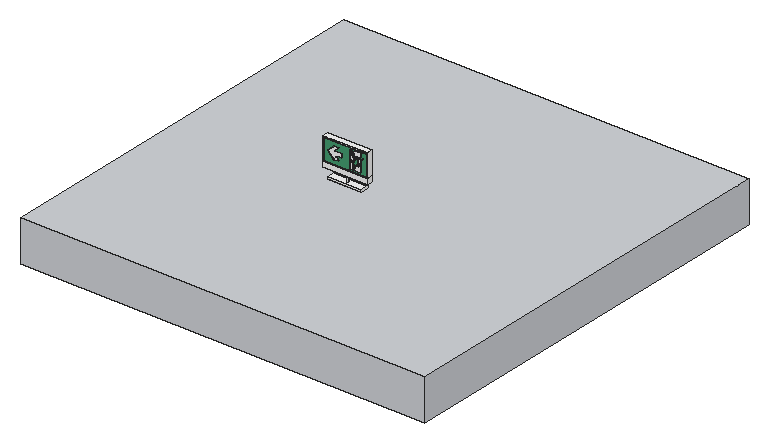
Revit family "Zumtobel CROSSIGN 160 - TEC", category Lighting Fixtures, host Face, Revit 2014
Parameters (values of type "CROSSIGN 160 TEC LED NT1 + RZ-LR")
  Width = 332 mm  # constant formula
  Wattage Comments = ""
  Wattage = 0.397194 W
  built-in parameter 1150110 = 1 (stored number, unit not read)
  Voltage = 230 V
  URL = "http://www.zumtobel.com/42183134"
  Type Comments = "© Zumtobel. We reserve the right to make technical changes without prior notice."  # constant formula
  built-in parameter 1114217 = 1 (stored number, unit not read)
  Tilt Angle = 180.00°
  built-in parameter 1150109 = 1 (stored number, unit not read)
  built-in parameter 1150134 = 12
  built-in parameter 1150113 = 1 (stored number, unit not read)
  Photometric Web File = "42180768+22168595_(STD-LEO).IES"
  built-in parameter 1150105 = 4.6951 (stored number, unit not read)
  Lumens = 59 lm
  built-in parameter 1150115 = 1 (stored number, unit not read)
  built-in parameter 1150137 = (empty or 0)
  built-in parameter 1150139 = (empty or 0)
  built-in parameter 1150112 = 1 (stored number, unit not read)
  built-in parameter 1150114 = 1 (stored number, unit not read)
  built-in parameter 1150132 = 2
  built-in parameter 1150102 = (empty or 0)
  built-in parameter 1150107 = 4000 (stored number, unit not read)
  built-in parameter 1150138 = (empty or 0)
  built-in parameter 1150106 = 0.046951 (stored number, unit not read)
  Height = 277 mm  # constant formula
  Escape Left & Right = yes
  Escape Top = no
  built-in parameter 1150104 = 13.8 (stored number, unit not read)
  ERI = no
  Dimming Lamp Color Temperature Shift = <None>
  Depth = 60 mm  # constant formula
  Model = "42183134+22168595/22168596"
  Manufacturer = "Zumtobel Lighting"  # constant formula
  Lamp = "LED"
  Description = if(ERI, "Escape sign + ERI LED luminaire for TECTON track", "Escape sign LED luminaire for TECTON track")  # "Escape sign LED luminaire for TECTON track"
  Default Elevation = 0 mm
  Color Filter = 16777215
  Body Not Rotated [instance] = not(Body 90° Rotated)  # no
  Body 90° Rotated [instance] = yes
  Body = Zumtobel_Metal_White
  built-in parameter 1114218 = 1 (stored number, unit not read)
  built-in parameter 1150133 = 10 (stored number, unit not read)
  Assembly Code = "D5020200"
  Apparent Load = 5.8 VA
Types (2, lengths in mm): name | Escape Left & Right | Escape Top | Model
  CROSSIGN 160 TEC LED NT1  + RZ-O | no | yes | "42183134+22900363"
  CROSSIGN 160 TEC LED NT1 + RZ-LR | yes | no | "42183134+22168595/22168596"
Reference planes
  plane 1 "Center (Front/Back)": y = 0
  plane 2 "Bottom": z = 0
  plane 3 "Center (Left/Right)": x = -735.5
  plane 4 "Light Source Axis": z = 188.928
  plane 5: x = -901.5
  plane 6: x = -569.5
  plane 7: y = -22
  plane 8: y = 22
  plane 9: z = 188.928
  plane 10: z = 62.328
Forms (mm)
  Extrusion 1, solid
    sketch origin (123, 0, 0) x (1, 0, 0) y (0, 1, 0)
      loop
        line (-2085.5, 1500) -> (-2085.5, -1500) -> (914.5, -1500) -> (914.5, 1500) -> (-2085.5, 1500)
    from 0 to -304.8
  Extrusion 2, solid, material "Zumtobel_Metal_White" <- "Body"
    sketch origin (-735.5, 0, -57.072) x (0, -1, 0) y (0, 0, 1)
      loop
        line (-28, 74) -> (-30, 76) -> (-30, 62) -> (-24.468, 62) -> (-24.468, 50.994) -> (-21.81, 50.994) -> (-21.81, 57.072) -> (21.81, 57.072) -> (21.81, 50.994) -> (24.468, 50.994) -> (24.468, 62) -> (30, 62) -> (30, 76) -> (28, 74) -> (-28, 74)
    from -124 to 124
  Extrusion 3, solid, material "Zumtobel_Metal_White" <- "Body"
    sketch origin (0, 0, 0) x (1, 0, 0) y (0, 1, 0)
      loop
        circle (-735.5, 0) r 6
    from 16.928 to 62.328
Lines and regions (mm)
  symbolic lines, not visible, detail levels coarse
    curve 1: line (-735.5, 80, 0) -> (-735.5, -80, 0)
    curve 2: line (-735.5, 80, 0) -> (-735.5, -80, 0)
Dimensions and locks
  aligned and locked: plane 2 "Bottom" to Extrusion 1
  aligned and locked: level to Extrusion 1
  aligned and locked: imposter light to plane 4 "Light Source Axis"
Nested families
  nested 1: "Zumtobel CROSSIGN 160 Body" at (-735.5, 0, 62.328), visible <- "Body 90° Rotated", type "Zumtobel CROSSIGN 160 Body"
  nested 2: "Zumtobel CROSSIGN 160 Body" at (-735.5, 0, 62.328) x (0, -1, 0) z (0, 0, 1), visible <- "Body Not Rotated", type "Zumtobel CROSSIGN 160 Body"
Connectors
  electrical at (-735.5, 0, 0), driven by "Apparent Load", driven by "Voltage"
    settings: index 1, voltage 230 V, apparent load 0 VA, apparent load phase1 5.8 VA, apparent load phase2 0 VA, apparent load phase3 0 VA, power factor 1, load classification "Lighting", number of poles 1, system type 31, power factor state 1, is connector primary yes, connector utility no, sub classification motor no, connector description ""
Definition of nested family "Zumtobel CROSSIGN 160 Body"
  Parameters (values of type "Family1")
    Escape Top = no
    Escape Left & Right = yes
    ERI = no
    Default Elevation = 1219.2 mm
    Body = Zumtobel_Metal_Aluminium
  Reference planes
    plane 1 "Center (Front/Back)": y = 0
    plane 2: z = 0
    plane 3 "Center (Left/Right)": x = 0
  Forms (mm)
    Extrusion 1, solid, material "Zumtobel_Metal_Aluminium" <- "Body"
      sketch origin (735.5, 0, 2) x (1, 0, 0) y (0, 1, 0)
        loop
          line (-901.5, 22) -> (-901.5, -22) -> (-569.5, -22) -> (-569.5, 22) -> (-901.5, 22)
      from 39.5 to 0
    Extrusion 2, solid, material "Zumtobel_Escape_Sign_Green_Self_Illumination", visible <- "Escape Top"
      sketch origin (735.5, 0, -293.5) x (1, 0, 0) y (0, 0, 1)
        loop
          line (-653.853, 428.358) -> (-651.685, 449.523)
          arc (-651.685, 449.523) -> (-650.098, 453.355) -> (-646.266, 454.942) r 5.42
          line (-646.266, 454.942) -> (-605.191, 454.942)
          arc (-605.191, 454.942) -> (-610.804, 446.945) -> (-620.08, 443.875) r 15.55
          line (-620.08, 443.875) -> (-638.222, 443.875)
          arc (-638.222, 443.875) -> (-639.916, 443.173) -> (-640.618, 441.479) r 2.396
          line (-640.618, 441.479) -> (-641.645, 425.619)
          arc (-641.645, 425.619) -> (-642.427, 420.108) -> (-644.041, 414.78) r 36.444
          line (-644.041, 414.78) -> (-652.084, 398.521) -> (-641.987, 398.521)
          arc (-641.987, 398.521) -> (-641.138, 398.917) -> (-640.504, 399.605) r 2.419
          line (-640.504, 399.605) -> (-632.537, 412.595)
          arc (-632.537, 412.595) -> (-626.032, 414.154) -> (-624.473, 407.649) r 4.73
          line (-624.473, 407.649) -> (-632.574, 394.186)
          arc (-632.574, 394.186) -> (-636.651, 390.46) -> (-642.101, 389.565) r 9.697
          line (-642.101, 389.565) -> (-668.115, 389.565)
          arc (-668.115, 389.565) -> (-674.077, 391.815) -> (-678.786, 396.109) r 16.93
          line (-678.786, 396.109) -> (-687.626, 407.934) -> (-701.546, 407.934) -> (-701.546, 355.05) -> (-616.828, 355.05) -> (-616.828, 441.529)
          arc (-616.828, 441.529) -> (-607.672, 446.126) -> (-602.452, 454.942) r 18.189
          line (-602.452, 454.942) -> (-602.452, 457.738) -> (-616.828, 457.738) -> (-616.828, 476.336) -> (-608.164, 485) -> (-664.125, 485) -> (-672.132, 477.526)
          arc (-672.132, 477.526) -> (-675.189, 475.513) -> (-678.74, 474.624) r 10.907
          line (-678.74, 474.624) -> (-687.911, 474.624) -> (-677.077, 485) -> (-692.881, 485) -> (-701.546, 476.336) -> (-701.546, 417.804) -> (-685.344, 417.804)
          arc (-685.344, 417.804) -> (-682.127, 416.399) -> (-679.582, 413.981) r 10.138
          line (-679.582, 413.981) -> (-673.249, 405.424) -> (-665.434, 421.797) -> (-689.794, 471.715) -> (-679.582, 471.715)
          arc (-679.582, 471.715) -> (-676.908, 470.985) -> (-674.976, 468.998) r 5.263
          line (-674.976, 468.998) -> (-653.853, 428.358)
        loop
          circle (-670.78, 377.395) r 10.133
        loop
          line (-574.5, 340) -> (-574.5, 500) -> (-896.5, 500) -> (-896.5, 340) -> (-574.5, 340)
        loop
          line (-825.836, 471.586) -> (-825.836, 417.336) -> (-857.078, 450.839) -> (-857.078, 416.201) -> (-812.516, 368.414) -> (-767.953, 416.201) -> (-767.953, 450.839) -> (-799.195, 417.336) -> (-799.195, 471.586) -> (-825.836, 471.586)
      from -22 to 22
    Extrusion 3, solid, material "Zumtobel_Escape_Sign_White_Self_Illumination", visible <- "Escape Top"
      sketch origin (735.5, 0, -293.5) x (1, 0, 0) y (0, 0, 1)
        loop
          line (-653.853, 428.358) -> (-651.685, 449.523)
          arc (-651.685, 449.523) -> (-650.098, 453.355) -> (-646.266, 454.942) r 5.42
          line (-646.266, 454.942) -> (-605.191, 454.942)
          arc (-605.191, 454.942) -> (-610.804, 446.945) -> (-620.08, 443.875) r 15.55
          line (-620.08, 443.875) -> (-638.222, 443.875)
          arc (-638.222, 443.875) -> (-639.916, 443.173) -> (-640.618, 441.479) r 2.396
          line (-640.618, 441.479) -> (-641.645, 425.619)
          arc (-641.645, 425.619) -> (-642.427, 420.108) -> (-644.041, 414.78) r 36.444
          line (-644.041, 414.78) -> (-652.084, 398.521) -> (-641.987, 398.521)
          arc (-641.987, 398.521) -> (-641.138, 398.917) -> (-640.504, 399.605) r 2.419
          line (-640.504, 399.605) -> (-632.537, 412.595)
          arc (-632.537, 412.595) -> (-626.032, 414.154) -> (-624.473, 407.649) r 4.73
          line (-624.473, 407.649) -> (-632.574, 394.186)
          arc (-632.574, 394.186) -> (-636.651, 390.46) -> (-642.101, 389.565) r 9.697
          line (-642.101, 389.565) -> (-668.115, 389.565)
          arc (-668.115, 389.565) -> (-674.077, 391.815) -> (-678.786, 396.109) r 16.93
          line (-678.786, 396.109) -> (-687.626, 407.934) -> (-701.546, 407.934) -> (-701.546, 355.05) -> (-616.828, 355.05) -> (-616.828, 441.529)
          arc (-616.828, 441.529) -> (-607.672, 446.126) -> (-602.452, 454.942) r 18.189
          line (-602.452, 454.942) -> (-602.452, 457.738) -> (-616.828, 457.738) -> (-616.828, 476.336) -> (-608.164, 485) -> (-664.125, 485) -> (-672.132, 477.526)
          arc (-672.132, 477.526) -> (-675.189, 475.513) -> (-678.74, 474.624) r 10.907
          line (-678.74, 474.624) -> (-687.911, 474.624) -> (-677.077, 485) -> (-692.881, 485) -> (-701.546, 476.336) -> (-701.546, 417.804) -> (-685.344, 417.804)
          arc (-685.344, 417.804) -> (-682.127, 416.399) -> (-679.582, 413.981) r 10.138
          line (-679.582, 413.981) -> (-673.249, 405.424) -> (-665.434, 421.797) -> (-689.794, 471.715) -> (-679.582, 471.715)
          arc (-679.582, 471.715) -> (-676.908, 470.985) -> (-674.976, 468.998) r 5.263
          line (-674.976, 468.998) -> (-653.853, 428.358)
        loop
          circle (-670.78, 377.395) r 10.133
        loop
          line (-825.836, 471.586) -> (-825.836, 417.336) -> (-857.078, 450.839) -> (-857.078, 416.201) -> (-812.516, 368.414) -> (-767.953, 416.201) -> (-767.953, 450.839) -> (-799.195, 417.336) -> (-799.195, 471.586) -> (-825.836, 471.586)
      from -22 to 22
    Extrusion 4, solid, material "Zumtobel_Metal_Aluminium" <- "Body"
      sketch origin (735.5, 0, -288.5) x (1, 0, 0) y (0, 0, 1)
        loop
          line (-896.5, 495) -> (-896.5, 335) -> (-574.5, 335) -> (-574.5, 495) -> (-896.5, 495)
        loop
          line (-901.5, 500) -> (-901.5, 330) -> (-569.5, 330) -> (-569.5, 500) -> (-901.5, 500)
      from -22 to 22
    Extrusion 5, solid, material "Zumtobel_Escape_Sign_Green_Self_Illumination", visible <- "Escape Left & Right"
      sketch origin (235.5, 0, -293.5) x (1, 0, 0) y (0, 0, 1)
        loop
          line (-153.853, 428.358) -> (-151.685, 449.523)
          arc (-151.685, 449.523) -> (-150.098, 453.355) -> (-146.266, 454.942) r 5.42
          line (-146.266, 454.942) -> (-105.191, 454.942)
          arc (-105.191, 454.942) -> (-110.804, 446.945) -> (-120.08, 443.875) r 15.55
          line (-120.08, 443.875) -> (-138.222, 443.875)
          arc (-138.222, 443.875) -> (-139.916, 443.173) -> (-140.618, 441.479) r 2.396
          line (-140.618, 441.479) -> (-141.645, 425.619)
          arc (-141.645, 425.619) -> (-142.427, 420.108) -> (-144.041, 414.78) r 36.444
          line (-144.041, 414.78) -> (-152.084, 398.521) -> (-141.987, 398.521)
          arc (-141.987, 398.521) -> (-141.138, 398.917) -> (-140.504, 399.605) r 2.419
          line (-140.504, 399.605) -> (-132.537, 412.595)
          arc (-132.537, 412.595) -> (-126.032, 414.154) -> (-124.473, 407.649) r 4.73
          line (-124.473, 407.649) -> (-132.574, 394.186)
          arc (-132.574, 394.186) -> (-136.651, 390.46) -> (-142.101, 389.565) r 9.697
          line (-142.101, 389.565) -> (-168.115, 389.565)
          arc (-168.115, 389.565) -> (-174.077, 391.815) -> (-178.786, 396.109) r 16.93
          line (-178.786, 396.109) -> (-187.626, 407.934) -> (-201.546, 407.934) -> (-201.546, 355.05) -> (-116.828, 355.05) -> (-116.828, 441.529)
          arc (-116.828, 441.529) -> (-107.672, 446.126) -> (-102.452, 454.942) r 18.189
          line (-102.452, 454.942) -> (-102.452, 457.738) -> (-116.828, 457.738) -> (-116.828, 476.336) -> (-108.164, 485) -> (-164.125, 485) -> (-172.132, 477.526)
          arc (-172.132, 477.526) -> (-175.189, 475.513) -> (-178.74, 474.624) r 10.907
          line (-178.74, 474.624) -> (-187.911, 474.624) -> (-177.077, 485) -> (-192.881, 485) -> (-201.546, 476.336) -> (-201.546, 417.804) -> (-185.344, 417.804)
          arc (-185.344, 417.804) -> (-182.127, 416.399) -> (-179.582, 413.981) r 10.138
          line (-179.582, 413.981) -> (-173.249, 405.424) -> (-165.434, 421.797) -> (-189.794, 471.715) -> (-179.582, 471.715)
          arc (-179.582, 471.715) -> (-176.908, 470.985) -> (-174.976, 468.998) r 5.263
          line (-174.976, 468.998) -> (-153.853, 428.358)
        loop
          line (-261.414, 406.195) -> (-261.414, 432.836) -> (-315.664, 432.836) -> (-282.161, 464.078) -> (-316.799, 464.078) -> (-364.586, 419.516) -> (-316.799, 374.953) -> (-282.161, 374.953) -> (-315.664, 406.195) -> (-261.414, 406.195)
        loop
          circle (-170.78, 377.395) r 10.133
        loop
          line (-74.5, 340) -> (-74.5, 500) -> (-396.5, 500) -> (-396.5, 340) -> (-74.5, 340)
      from -22 to 22
    Extrusion 6, solid, material "Zumtobel_Escape_Sign_White_Self_Illumination", visible <- "Escape Left & Right"
      sketch origin (235.5, 0, -293.5) x (1, 0, 0) y (0, 0, 1)
        loop
          line (-153.853, 428.358) -> (-151.685, 449.523)
          arc (-151.685, 449.523) -> (-150.098, 453.355) -> (-146.266, 454.942) r 5.42
          line (-146.266, 454.942) -> (-105.191, 454.942)
          arc (-105.191, 454.942) -> (-110.804, 446.945) -> (-120.08, 443.875) r 15.55
          line (-120.08, 443.875) -> (-138.222, 443.875)
          arc (-138.222, 443.875) -> (-139.916, 443.173) -> (-140.618, 441.479) r 2.396
          line (-140.618, 441.479) -> (-141.645, 425.619)
          arc (-141.645, 425.619) -> (-142.427, 420.108) -> (-144.041, 414.78) r 36.444
          line (-144.041, 414.78) -> (-152.084, 398.521) -> (-141.987, 398.521)
          arc (-141.987, 398.521) -> (-141.138, 398.917) -> (-140.504, 399.605) r 2.419
          line (-140.504, 399.605) -> (-132.537, 412.595)
          arc (-132.537, 412.595) -> (-126.032, 414.154) -> (-124.473, 407.649) r 4.73
          line (-124.473, 407.649) -> (-132.574, 394.186)
          arc (-132.574, 394.186) -> (-136.651, 390.46) -> (-142.101, 389.565) r 9.697
          line (-142.101, 389.565) -> (-168.115, 389.565)
          arc (-168.115, 389.565) -> (-174.077, 391.815) -> (-178.786, 396.109) r 16.93
          line (-178.786, 396.109) -> (-187.626, 407.934) -> (-201.546, 407.934) -> (-201.546, 355.05) -> (-116.828, 355.05) -> (-116.828, 441.529)
          arc (-116.828, 441.529) -> (-107.672, 446.126) -> (-102.452, 454.942) r 18.189
          line (-102.452, 454.942) -> (-102.452, 457.738) -> (-116.828, 457.738) -> (-116.828, 476.336) -> (-108.164, 485) -> (-164.125, 485) -> (-172.132, 477.526)
          arc (-172.132, 477.526) -> (-175.189, 475.513) -> (-178.74, 474.624) r 10.907
          line (-178.74, 474.624) -> (-187.911, 474.624) -> (-177.077, 485) -> (-192.881, 485) -> (-201.546, 476.336) -> (-201.546, 417.804) -> (-185.344, 417.804)
          arc (-185.344, 417.804) -> (-182.127, 416.399) -> (-179.582, 413.981) r 10.138
          line (-179.582, 413.981) -> (-173.249, 405.424) -> (-165.434, 421.797) -> (-189.794, 471.715) -> (-179.582, 471.715)
          arc (-179.582, 471.715) -> (-176.908, 470.985) -> (-174.976, 468.998) r 5.263
          line (-174.976, 468.998) -> (-153.853, 428.358)
        loop
          line (-261.414, 406.195) -> (-261.414, 432.836) -> (-315.664, 432.836) -> (-282.161, 464.078) -> (-316.799, 464.078) -> (-364.586, 419.516) -> (-316.799, 374.953) -> (-282.161, 374.953) -> (-315.664, 406.195) -> (-261.414, 406.195)
        loop
          circle (-170.78, 377.395) r 10.133
      from -22 to 22
    Extrusion 7, solid, material "Zumtobel_Escape_Sign_White_Self_Illumination", visible <- "ERI"
      sketch origin (19.904, -755.5, 131.5) x (0, 0, 1) y (0, -1, 0)
        loop
          line (80, -748) -> (80, -763) -> (87, -763) -> (90, -760) -> (87, -760) -> (90, -757) -> (84.001, -757) -> (87.001, -754) -> (82.501, -754) -> (85.501, -751) -> (82.501, -751) -> (82.501, -748) -> (80, -748)
      from -7.5 to 7.5
    Extrusion 8, solid, material "Zumtobel_Escape_Sign_White_Self_Illumination", visible <- "ERI"
      sketch origin (-20, 755.5, 131.5) x (0, 0, 1) y (0, 1, 0)
        loop
          line (80, -748) -> (80, -763) -> (87, -763) -> (90, -760) -> (87, -760) -> (90, -757) -> (84.001, -757) -> (87.001, -754) -> (82.501, -754) -> (85.501, -751) -> (82.501, -751) -> (82.501, -748) -> (80, -748)
      from -7.5 to 7.5
    Extrusion 9, solid, material "Zumtobel_Metal_Aluminium" <- "Body"
      sketch origin (346.834, 0, 2) x (1, 0, 0) y (0, 1, 0)
        loop
          line (-426.834, 20) -> (-426.834, -20) -> (-266.834, -20) -> (-266.834, 20) -> (-426.834, 20)
      from 0 to -2
  Dimensions and locks
    aligned and locked: level to plane 2
